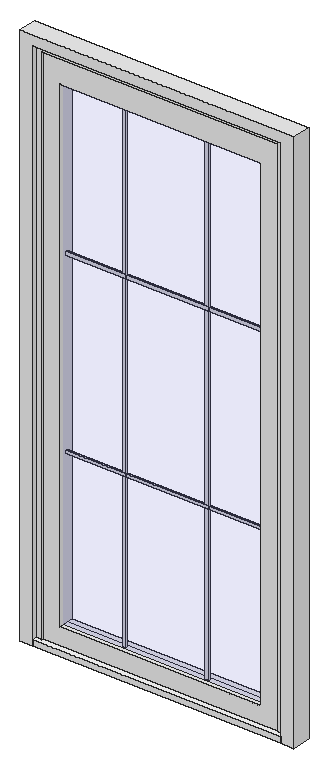
Revit family "Door_Curtain_Wall-Inswing-Traco-NX-8920-One_Panel", category Curtain Panels, Revit 2015
Parameters (values of type "NX-8920 - One_Panel")
  Water Resistance = 12.0000 psf
  Uniform Load Structural = 75.0000 psf
  Uniform Load Deflection = 50.0000 psf
  Sill Type = Door_Frame-Inswing-Traco-(NX-8920)-Single_Panel : Optional Sill
  Product data url = "https://bimobject.com/kawneerna/product/89202"
  Product Page URL = "http://www.alcoa.com/traco/en/product.asp?cat_id=1912&prod_id=4260"
  Product Documentation Link = "http://www.alcoa.com/traco/en/cad_spec.asp?cat_id=1912&prod_id=4260&area=prod"
  Panel Width [instance] = Door Width - 0' 4 1/2"  # 3' - 7 1/2"
  Panel Material [instance] = Aluminum - Traco - Anodized - Gray
  Panel Height [instance] = Door Height - 0' 2 1/2"  # 7' - 9 1/2"
  Muntin Type = Muntin-Grid-Traco-Lites : Interior
  Glass Material [instance] = Glass - Traco - Clear
  Frame Material [instance] = Aluminum - Traco - Anodized - Gray
  Door Width [instance] = if(CTRL Opening Width < Door Width Minimum, Door Width Minimum, if(CTRL Opening Width > Door Width Maximum, Door Width Maximum, CTRL Opening Width))  # 4' - 0"
  Door Height [instance] = if(CTRL Opening Height < Door Height Minimum, Door Height Minimum, if(CTRL Opening Height > Door Height Maximum, Door Height Maximum, CTRL Opening Height))  # 8' - 0"
  Door Base = 0' - 1 1/8"
  Copyright © = "2011 Traco"  # constant formula
  CTRL Opening Width [instance] = 4' - 0"
  URL = "http://www.alcoa.com/traco/en/home.asp"
  U Factor = "0.40"
  Type Comments = "1 Panel"
  Test Size = "48\" X 96\""
  Muntin [instance] = yes
  Model = "NX-8920"
  Manufacturer = "Traco"  # constant formula
  Keynote = ""
  CTRL Opening Height [instance] = 8' - 0"
  Forced Entry Resistance = ""
  Door Width Minimum [instance] = 3' - 0"
  Door Width Maximum [instance] = 4' - 0"
  Door Swing Angle [instance] = 90.00°
  Door Height Minimum [instance] = 6' - 0"
  Door Height Maximum [instance] = 8' - 0"
  Designation = "AAMA/WDMA/CSA 101/I.S.2/A-440-05: HS-C50 And AAMA/WDMA/CSA 101/I.S.2/A-440-08:AW-PG50-ATD"
  Description = "Single Panel Inswing"
  Condensation Resistance = "48"
  Assembly Code = "B2020220"
  Allowable Air Infiltration Maximum = "0.1 @ 6.2 PSF"
Reference planes (in)
  plane 1 "Front": y = 0
  plane 2 "Bottom": z = 0
  plane 3 "Center (Left/Right)": x = 0
  plane 4 "Left": x = -24
  plane 5 "Right": x = 24
  plane 6 "Top": z = 96
  plane 7 "Door Base": z = 1.125
  plane 8 "Muntin Center F_B": y = 2
  plane 9 "Left Inset": x = -21.75
  plane 10 "Right Inset": x = 21.75
  plane 11 "Back": y = 3.25
  plane 12 "Stop Back": y = 0.75
  plane 13 "Panel Center F_B": y = 2
Text (in)
  text "Exterior" at (-54.29358, -17.61257, 0), in view "Ref. Level"
  text "Exterior" at (480, 41.53993, 89.60405), in view "Right"
  text "Exterior" at (-240, 57.82419, 105.78864), in view "Left"
Dimensions and locks (in)
  equal spacing: plane 4 "Left", plane 3 "Center (Left/Right)", plane 5 "Right"
  "Door Base": plane 2 "Bottom" to plane 7 "Door Base"
  "CTRL Opening Width": plane 4 "Left" to plane 5 "Right"
  "CTRL Opening Height": plane 6 "Top" to plane 2 "Bottom"
  locked: plane 4 "Left" to plane 9 "Left Inset" at 2.25
  locked: plane 10 "Right Inset" to plane 5 "Right" at 2.25
  locked: plane 1 "Front" to plane 12 "Stop Back" at 0.75
  equal spacing: plane 12 "Stop Back", plane 13 "Panel Center F_B", plane 11 "Back"
  locked: plane 13 "Panel Center F_B" to plane 8 "Muntin Center F_B" at 0
  aligned and locked: level to plane 2 "Bottom"
  aligned: plane 7 "Door Base" to nested 2
  aligned and locked: plane 1 "Front" to nested 1
  aligned and locked: plane 3 "Center (Left/Right)" to nested 1
  aligned: nested 7 to plane 9 "Left Inset"
  aligned and locked: nested 7 to plane 12 "Stop Back"
  aligned and locked: level to nested 2
  aligned and locked: plane 3 "Center (Left/Right)" to nested 2
  aligned and locked: plane 3 "Center (Left/Right)" to nested 7
Nested families (in)
  nested 1: "Door_Frame-Inswing-Traco-(NX-8920)-Single_Panel" at (0, 1.625, 0), type <- "Sill Type", Frame Material <- "Frame Material", type "Optional Sill"
    with Frame Material Aluminum - Traco - Anodized - Gray, Door Width 4' - 0", Door Height 8' - 0"
  nested 2: "Muntin-Grid-Traco-Lites" at (0, 2, 46.75) x (-1, 0, 0) z (0, -1, 0), visible <- "Muntin", Sash Height <- "Panel Height", Length <- "Panel Width", type <- "Muntin Type", type "Interior"
    with Sash Height 7' - 9 1/2", Material Aluminum - Traco - Anodized - Gray, Length 3' - 7 1/2", Glazing Thickness 0' - 0 7/8", CTRL Muntin Vertical Distance 2' - 7.16667", CTRL Muntin Horizontal Distance 1' - 2 1/2", CTRL Face Offset 0' - 0 1/4", CTRL Bar Vertical Visibility no, CTRL Bar Horizontal Visibility no, CTRL Array Vertical Visibility yes, CTRL Array Horizontal Visibility yes, Has Interior Muntins yes, Has Exterior Muntins no
  nested 3: "Muntin-Trapezoid-Traco-Single" at (-7.25, 2.1875, 46.75) x (0, 0, -1) z (0, -1, 0), type "Standard Colonial"
    with Material Aluminum - Traco - Anodized - Gray, Length 7' - 9 1/2", Width Top 0' - 0 9/16", Width Base 0' - 0 9/16", Height 0' - 0 5/16"
  nested 4: "Muntin-Trapezoid-Traco-Single" at (0, 2.1875, 62.33333) x (1, 0, 0) z (0, -1, 0), type "Standard Colonial"
    with Material Aluminum - Traco - Anodized - Gray, Length 3' - 7 1/2", Width Top 0' - 0 9/16", Width Base 0' - 0 9/16", Height 0' - 0 5/16"
  nested 5: "Muntin-Trapezoid-Traco-Single" at (7.25, 2.1875, 46.75) x (0, 0, -1) z (0, -1, 0), type "Standard Colonial"
    with Material Aluminum - Traco - Anodized - Gray, Length 7' - 9 1/2", Width Top 0' - 0 9/16", Width Base 0' - 0 9/16", Height 0' - 0 5/16"
  nested 6: "Muntin-Trapezoid-Traco-Single" at (0, 2.1875, 31.16667) x (1, 0, 0) z (0, -1, 0), type "Standard Colonial"
    with Material Aluminum - Traco - Anodized - Gray, Length 3' - 7 1/2", Width Top 0' - 0 9/16", Width Base 0' - 0 9/16", Height 0' - 0 5/16"
  nested 7: "Door-Glass_Panel-Traco-(TR-8920)" at (14.25, 3.5, 0) x (-1, 0, 0) z (0, 0, 1), Panel Material <- "Panel Material", Glass Material <- "Glass Material", Width <- "Panel Width", Height <- "Panel Height", Angle <- "Door Swing Angle", type "S"
    with built-in parameter 1001301 3' - 7 1/2", built-in parameter 1001302 0' - 2 3/4", Panel Offset 0' - 4 1/4", Panel Material Aluminum - Traco - Anodized - Gray, Panel Finish none, built-in parameter 1001300 7' - 9 1/2", Glazing "Low E-Argon", Glass Material Glass - Traco - Clear, Elevation Swing yes, Angle 90.00°
Definition of nested family "Door_Frame-Inswing-Traco-(NX-8920)-Single_Panel"
  Parameters
    Standard Sill = no
    Optional Sill = yes
    Jamb Thickness = 0' - 2 1/4"
    Head Thickness = 0' - 1 3/4"
    Frame Material [instance] = none
    Frame Depth = 0' - 3 1/4"
    Door Width = 3' - 0"
    Door Height = 7' - 0"
    Assembly Code = ""
  Reference planes (in)
    plane 1 "Center (Front/Back)": y = 0
    plane 2 "Bottom": z = 0
    plane 3 "Center (Left/Right)": x = 0
    plane 4 "Interior": y = 1.625
    plane 5 "Exterior": y = -1.625
    plane 6 "Left": x = -18
    plane 7 "Right": x = 18
    plane 8 "Top": z = 84
    plane 9 "Inside Frame Left Side": x = -15.75
    plane 10 "Inside Frame Right Side": x = 15.75
    plane 11 "Top Inset": z = 82.25
    plane 12 "Bottom Inset": z = 1.5
    plane 13 "Panel Left": x = -14.625
    plane 14 "Panel Right": x = 14.625
    plane 15 "Stop Back": y = -0.875
    plane 16 "Stop Front": y = -1
    plane 17 "Panel Top": z = 81.375
    plane 18 "Panel Bottom": z = 2.5
    plane 19 "Lower Inset": z = 1
    plane 20 "Lower Bottom Inset Top Center": z = 2
  Forms (in)
    Extrusion 1, solid, material <- "Frame Material", visible <- "Standard Sill"
      sketch origin (0, 0, 0) x (0, 1, 0) y (0, 0, 1)
        loop
          line (-1.625, 0) -> (1.625, 0) -> (1.625, 1.5) -> (-0.875, 1.5) -> (-0.875, 2.5) -> (-1.625, 2) -> (-1.625, 0)
      from -15.75 to 15.75
    Extrusion 2, solid, material <- "Frame Material"
      sketch origin (0, 0, 0) x (0, 1, 0) y (0, 0, 1)
        loop
          line (1.625, 84) -> (-1.625, 84) -> (-1.625, 82.25) -> (-1, 82.25) -> (-1, 81.375) -> (-0.875, 81.375) -> (-0.875, 82.25) -> (1.625, 82.25) -> (1.625, 84)
      from -15.75 to 15.75
    Extrusion 3, solid, material <- "Frame Material"
      sketch origin (0, 0, 0) x (1, 0, 0) y (0, 1, 0)
        loop
          line (-18, 1.625) -> (-18, -1.625) -> (-15.75, -1.625) -> (-15.75, -1) -> (-14.625, -1) -> (-14.625, -0.875) -> (-15.75, -0.875) -> (-15.75, 1.625) -> (-18, 1.625)
        loop
          line (15.75, 1.625) -> (15.75, -0.875) -> (14.625, -0.875) -> (14.625, -1) -> (15.75, -1) -> (15.75, -1.625) -> (18, -1.625) -> (18, 1.625) -> (15.75, 1.625)
      from 0 to 84
    Extrusion 4, solid, material <- "Frame Material", visible <- "Optional Sill"
      sketch origin (0, 0, 0) x (0, 1, 0) y (0, 0, 1)
        loop
          line (1.625, 0.875) -> (-0.875, 0.875) -> (-0.875, 1.25) -> (-1.625, 1) -> (-1.625, 0) -> (1.625, 0) -> (1.625, 0.875)
      from -15.75 to 15.75
  Cuts and joins
    joined: Extrusion 2, Extrusion 3
  Lines and regions (in)
    Masking region 1
      outline origin (0, 0, 84) x (-1, 0, 0) y (0, -1, 0)
        loop
          line (18, 1.625) -> (-18, 1.625) -> (-18, -1.625) -> (18, -1.625) -> (18, 1.625)
    Masking region 2
      outline origin (0, 0, 0) x (0, 1, 0) y (0, 0, 1)
        loop
          line (-1.625, 0) -> (1.625, 0) -> (1.625, 84) -> (-1.625, 84) -> (-1.625, 0)
    Masking region 3
      outline origin (0, 0, 0) x (1, 0, 0) y (0, 0, 1)
        loop
          line (-18, 0) -> (18, 0) -> (18, 84) -> (-18, 84) -> (-18, 0)
        loop
          line (-14.625, 81.375) -> (-14.625, 2.5) -> (14.625, 2.5) -> (14.625, 81.375) -> (-14.625, 81.375)
    symbolic lines, detail levels medium+fine
      curve 1: line (-15.75, -1.625, 84) -> (-15.75, -1, 84)
      curve 2: line (-15.75, -1, 84) -> (-14.625, -1, 84)
      curve 3: line (-14.625, -1, 84) -> (-14.625, -0.875, 84)
      curve 4: line (-14.625, -0.875, 84) -> (-15.75, -0.875, 84)
      curve 5: line (-15.75, -0.875, 84) -> (-15.75, 1.625, 84)
      curve 6: line (15.75, -0.875, 84) -> (15.75, 1.625, 84)
      curve 7: line (15.75, -0.875, 84) -> (14.625, -0.875, 84)
      curve 8: line (14.625, -0.875, 84) -> (14.625, -1, 84)
      curve 9: line (14.625, -1, 84) -> (15.75, -1, 84)
      curve 10: line (15.75, -1, 84) -> (15.75, -1.625, 84)
      curve 11: line (-15.75, 0, 82.25) -> (15.75, 0, 82.25)
      curve 12: line (-15.75, 0, 84) -> (-15.75, 0, 0)
      curve 13: line (15.75, 0, 0) -> (15.75, 0, 84)
      curve 14: line (-15.75, 0, 81.375) -> (-14.625, 0, 81.375)
      curve 15: line (-14.625, 0, 81.375) -> (-14.625, 0, 82.25)
      curve 16: line (14.625, 0, 82.25) -> (14.625, 0, 81.375)
      curve 17: line (14.625, 0, 81.375) -> (15.75, 0, 81.375)
      curve 18: line (-15.75, 0, 1) -> (15.75, 0, 1)
      curve 19: line (-15.75, 0, 2) -> (15.75, 0, 2)
  Dimensions and locks (in)
    equal spacing: plane 4 "Interior", plane 1 "Center (Front/Back)", plane 5 "Exterior"
    "Frame Depth": plane 4 "Interior" to plane 5 "Exterior"
    equal spacing: plane 6 "Left", plane 3 "Center (Left/Right)", plane 7 "Right"
    "Door Width": plane 6 "Left" to plane 7 "Right"
    "Head Thickness": plane 8 "Top" to plane 11 "Top Inset"
    "Jamb Thickness": plane 7 "Right" to plane 10 "Inside Frame Right Side"
    "Jamb Thickness": plane 6 "Left" to plane 9 "Inside Frame Left Side"
    "Door Height": plane 8 "Top" to plane 2 "Bottom"
    plane 12 "Bottom Inset" to plane 2 "Bottom" = 0' - 1 1/2"
    locked: plane 15 "Stop Back" to plane 1 "Center (Front/Back)" at 0.875
    locked: plane 16 "Stop Front" to plane 1 "Center (Front/Back)" at 1
    locked: plane 11 "Top Inset" to plane 17 "Panel Top" at 0.875
    locked: plane 18 "Panel Bottom" to plane 12 "Bottom Inset" at 1
    locked: plane 12 "Bottom Inset" to plane 19 "Lower Inset" at 0.5
    locked: plane 20 "Lower Bottom Inset Top Center" to plane 12 "Bottom Inset" at 0.5
    locked: plane 9 "Inside Frame Left Side" to plane 13 "Panel Left" at 1.125
    locked: plane 14 "Panel Right" to plane 10 "Inside Frame Right Side" at 1.125
    aligned and locked: plane 2 "Bottom" to level
    aligned and locked: plane 12 "Bottom Inset" to Extrusion 1 sketch curve
    aligned and locked: plane 4 "Interior" to Extrusion 1 sketch curve
    aligned and locked: plane 9 "Inside Frame Left Side" to Extrusion 1
    aligned and locked: Extrusion 1 to plane 10 "Inside Frame Right Side"
    aligned and locked: Extrusion 2 sketch curve to plane 11 "Top Inset"
    aligned and locked: plane 5 "Exterior" to Extrusion 2 sketch curve
    aligned and locked: plane 9 "Inside Frame Left Side" to Extrusion 2
    aligned and locked: Extrusion 2 to plane 10 "Inside Frame Right Side"
    aligned and locked: Extrusion 3 sketch curve to plane 4 "Interior"
    aligned and locked: Extrusion 3 sketch curve to plane 6 "Left"
    aligned and locked: Extrusion 3 sketch curve to Extrusion 1  (x3)
    aligned and locked: Extrusion 1 to Extrusion 3 sketch curve
    aligned and locked: Extrusion 3 sketch curve to plane 5 "Exterior"
    aligned and locked: Extrusion 3 sketch curve to plane 7 "Right"
    aligned and locked: plane 8 "Top" to Extrusion 3
    aligned and locked: Extrusion 4 sketch curve to cut or joined group of Extrusion 2, Extrusion 3  (x2)
    aligned and locked: cut or joined group of Extrusion 2, Extrusion 3 to Extrusion 4 sketch curve
    aligned and locked: Extrusion 4 to plane 10 "Inside Frame Right Side"
    aligned and locked: plane 9 "Inside Frame Left Side" to Extrusion 4
    aligned and locked: plane 7 "Right" to Masking region 1 sketch curve
    aligned and locked: plane 4 "Interior" to Masking region 1 sketch curve
    aligned and locked: plane 5 "Exterior" to Masking region 1 sketch curve
    aligned and locked: plane 6 "Left" to Masking region 1 sketch curve
    aligned and locked: curve 1 to plane 9 "Inside Frame Left Side"
    aligned and locked: cut or joined group of Extrusion 2, Extrusion 3 to plane 16 "Stop Front"
    aligned and locked: curve 3 to plane 13 "Panel Left"
    aligned and locked: plane 15 "Stop Back" to curve 4
    aligned and locked: curve 5 to plane 9 "Inside Frame Left Side"
    aligned and locked: plane 10 "Inside Frame Right Side" to curve 10
    aligned and locked: curve 9 to plane 16 "Stop Front"
    aligned and locked: plane 14 "Panel Right" to curve 8
    aligned and locked: plane 15 "Stop Back" to curve 7
    aligned and locked: curve 6 to plane 10 "Inside Frame Right Side"
    aligned and locked: plane 8 "Top" to Masking region 2 sketch curve
    aligned and locked: plane 4 "Interior" to Masking region 2 sketch curve
    aligned and locked: plane 5 "Exterior" to Masking region 2 sketch curve
    aligned and locked: Masking region 2 sketch curve to plane 2 "Bottom"
    aligned and locked: plane 8 "Top" to Masking region 3 sketch curve
    aligned and locked: plane 6 "Left" to Masking region 3 sketch curve
    aligned and locked: plane 7 "Right" to Masking region 3 sketch curve
    aligned and locked: Masking region 3 sketch curve to plane 2 "Bottom"
    aligned and locked: plane 18 "Panel Bottom" to Masking region 3 sketch curve
    aligned and locked: Masking region 3 sketch curve to plane 13 "Panel Left"
    aligned and locked: plane 14 "Panel Right" to Masking region 3 sketch curve
    aligned and locked: Masking region 3 sketch curve to plane 17 "Panel Top"
    aligned and locked: curve 13 to plane 10 "Inside Frame Right Side"
    aligned and locked: curve 18 to plane 19 "Lower Inset"
    aligned and locked: plane 9 "Inside Frame Left Side" to curve 12
    aligned and locked: curve 19 to plane 20 "Lower Bottom Inset Top Center"
    aligned and locked: curve 11 to plane 11 "Top Inset"
    aligned and locked: curve 14 to plane 17 "Panel Top"
    aligned and locked: curve 15 to plane 13 "Panel Left"
    aligned and locked: plane 14 "Panel Right" to curve 16
    aligned and locked: curve 17 to plane 17 "Panel Top"
  Automatic sketch dimensions
    Extrusion 2 sketch curve to plane 8 "Top" = 0' - 2 5/8"
    Extrusion 2 sketch curve to plane 5 "Exterior" = 0' - 0 5/8"
    Extrusion 2 sketch curve to plane 11 "Top Inset" = 0' - 0"
    Extrusion 2 sketch curve to Extrusion 2 sketch curve = 0' - 0 1/8"
    Extrusion 2 sketch curve to plane 4 "Interior" = 0' - 0"
    Extrusion 2 sketch curve to plane 8 "Top" = 0' - 0"
    Extrusion 3 sketch curve to plane 6 "Left" = 0' - 3 3/8"
    Extrusion 3 sketch curve to plane 7 "Right" = 0' - 3 3/8"
    Extrusion 3 sketch curve to plane 5 "Exterior" = 0' - 0 5/8"  (x2)
    Extrusion 3 sketch curve to plane 10 "Inside Frame Right Side" = 0' - 0"
    Extrusion 3 sketch curve to Extrusion 3 sketch curve = 0' - 0 1/8"  (x2)
    Extrusion 3 sketch curve to plane 9 "Inside Frame Left Side" = 0' - 0"
    Extrusion 1 sketch curve to level = 0' - 0"
    Extrusion 1 sketch curve to plane 5 "Exterior" = 0' - 0 3/4"
    Extrusion 1 sketch curve to plane 5 "Exterior" = 0' - 0"
    Extrusion 1 sketch curve to Extrusion 1 sketch curve = 0' - 0 1/2"
    plane 12 "Bottom Inset" to Extrusion 1 sketch curve = 0' - 0 1/2"
    Extrusion 4 sketch curve to plane 5 "Exterior" = 0' - 0 3/4"
    Extrusion 4 sketch curve to plane 12 "Bottom Inset" = 0' - 0 1/4"
    Extrusion 4 sketch curve to plane 12 "Bottom Inset" = 0' - 0 5/8"
    Extrusion 4 sketch curve to plane 12 "Bottom Inset" = 0' - 0 1/2"
    curve 6 to plane 4 "Interior" = 0' - 0"
    curve 5 to plane 4 "Interior" = 0' - 0"
    curve 1 to plane 16 "Stop Front" = 0' - 0"
    plane 5 "Exterior" to curve 1 = 0' - 0"
    plane 5 "Exterior" to curve 10 = 0' - 0"
    curve 13 to level = 0' - 0"
    curve 12 to level = 0' - 0"
    curve 12 to plane 8 "Top" = 0' - 0"
    curve 13 to plane 8 "Top" = 0' - 0"
Definition of nested family "Muntin-Trapezoid-Traco-Single"
  Parameters
    Width Top = 0' - 0 7/16"
    Width Base = 0' - 1"
    URL = "http://www.alcoa.com/traco/en/home.asp"
    Product Page URL = "http://www.alcoa.com/traco/en/product.asp?prod_id=4228"
    Product Documentation Link = "http://www.alcoa.com/traco/en/cad_spec.asp?prod_id=4228&area=prod"
    Material [instance] = none
    Manufacturer = "Traco"  # constant formula
    Length [instance] = 1' - 0"
    Height = 0' - 0 5/8"
    Description = "Trapezoidal Profile"
    Copyright © = "2011 Traco"  # constant formula
  Reference planes (in)
    plane 1 "Center (Front/Back)": y = 0
    plane 2 "Original Bottom": z = 0
    plane 3 "Center (Left/Right)": x = 0
    plane 4 "Left": x = -6
    plane 5 "Right": x = 6
    plane 6 "Back": y = 0.5
    plane 7 "Front": y = -0.5
    plane 8 "Back Inset": y = 0.21875
    plane 9 "Front Inset": y = -0.21875
    plane 10 "Top": z = 0.625
    plane 11 "Bottom": z = 0
  Forms (in)
    Sweep 1, solid, material <- "Material", detail levels medium+fine
      path origin (0, 0, 0) x (0, -1, 0) y (1, 0, 0)
        loop
          line (0, 6) -> (0, -6)
      profile origin (0, 0, 0) x (0, -1, 0) y (0, 0, 1)
        loop
          line (0.5, 0) -> (0.21875, 0.625) -> (-0.21875, 0.625) -> (-0.5, 0) -> (0.5, 0)
  Lines and regions (in)
    Masking region 1, detail levels medium+fine
      outline origin (0, 0, 0) x (0, 1, 0) y (0, 0, 1)
        loop
          line (0.5, 0) -> (0.21875, 0.625) -> (-0.21875, 0.625) -> (-0.5, 0) -> (0.5, 0)
    Masking region 2, detail levels medium+fine
      outline origin (0, 0, 0) x (1, 0, 0) y (0, 1, 0)
        loop
          line (6, -0.5) -> (6, 0.5) -> (-6, 0.5) -> (-6, -0.5) -> (6, -0.5)
    Masking region 3, detail levels medium+fine
      outline origin (0, 0, 0) x (1, 0, 0) y (0, 0, 1)
        loop
          line (6, 0) -> (6, 0.625) -> (-6, 0.625) -> (-6, 0) -> (6, 0)
    symbolic lines, detail levels coarse
      curve 1: line (0, 0, 0) -> (0, 0, 0.625)
      curve 2: line (-6, 0, 0) -> (6, 0, 0)
      curve 3: line (-6, 0, 0) -> (-6, 0, 0.625)
      curve 4: line (-6, 0, 0.625) -> (6, 0, 0.625)
      curve 5: line (6, 0, 0.625) -> (6, 0, 0)
    model lines, detail levels coarse
      curve 6: line (-6, 0, 0) -> (6, 0, 0)
  Dimensions and locks (in)
    equal spacing: plane 4 "Left", plane 3 "Center (Left/Right)", plane 5 "Right"
    "Length": plane 4 "Left" to plane 5 "Right"
    equal spacing: plane 6 "Back", plane 1 "Center (Front/Back)", plane 7 "Front"
    "Width Base": plane 7 "Front" to plane 6 "Back"
    equal spacing: plane 8 "Back Inset", plane 1 "Center (Front/Back)", plane 9 "Front Inset"
    "Width Top": plane 9 "Front Inset" to plane 8 "Back Inset"
    locked: plane 11 "Bottom" to plane 2 "Original Bottom" at 0
    "Height": plane 10 "Top" to plane 11 "Bottom"
    aligned and locked: plane 2 "Original Bottom" to level
    aligned and locked: plane 4 "Left" to Sweep 1 sketch curve
    aligned and locked: Sweep 1 sketch curve to plane 1 "Center (Front/Back)"
    aligned and locked: plane 5 "Right" to Sweep 1 sketch curve
    aligned and locked: plane 7 "Front" to Sweep 1 sketch curve
    aligned and locked: plane 11 "Bottom" to Sweep 1 sketch curve  (x2)
    aligned and locked: plane 6 "Back" to Sweep 1 sketch curve
    aligned and locked: plane 10 "Top" to Sweep 1 sketch curve
    aligned and locked: plane 8 "Back Inset" to Sweep 1 sketch curve
    aligned and locked: plane 9 "Front Inset" to Sweep 1 sketch curve
    aligned and locked: Sweep 1 sketch curve to plane 10 "Top"
    aligned and locked: Masking region 1 sketch curve to plane 11 "Bottom"
    aligned and locked: plane 10 "Top" to Masking region 1 sketch curve
    aligned and locked: plane 8 "Back Inset" to Masking region 1 sketch curve
    aligned and locked: plane 9 "Front Inset" to Masking region 1 sketch curve
    aligned and locked: plane 7 "Front" to Masking region 1 sketch curve
    aligned and locked: plane 6 "Back" to Masking region 1 sketch curve
    aligned and locked: curve 1 to plane 1 "Center (Front/Back)"
    aligned and locked: plane 11 "Bottom" to curve 1
    aligned and locked: plane 10 "Top" to curve 1
    aligned and locked: plane 4 "Left" to curve 2
    aligned and locked: plane 5 "Right" to curve 2
    aligned and locked: plane 1 "Center (Front/Back)" to curve 2
    aligned and locked: Masking region 2 sketch curve to plane 4 "Left"
    aligned and locked: Masking region 2 sketch curve to plane 5 "Right"
    aligned and locked: Masking region 2 sketch curve to plane 6 "Back"
    aligned and locked: Masking region 2 sketch curve to plane 7 "Front"
    aligned and locked: Masking region 3 sketch curve to plane 4 "Left"
    aligned and locked: Masking region 3 sketch curve to plane 5 "Right"
    aligned and locked: plane 11 "Bottom" to Masking region 3 sketch curve
    aligned and locked: Masking region 3 sketch curve to plane 10 "Top"
    aligned and locked: plane 11 "Bottom" to curve 3
    aligned and locked: plane 11 "Bottom" to curve 5
    aligned and locked: curve 5 to plane 5 "Right"
    aligned and locked: curve 3 to plane 4 "Left"
    aligned and locked: curve 4 to plane 10 "Top"
    aligned and locked: plane 5 "Right" to curve 6
    aligned and locked: plane 4 "Left" to curve 6
    aligned and locked: plane 1 "Center (Front/Back)" to curve 6
Definition of nested family "Door-Glass_Panel-Traco-(TR-8920)"
  Parameters
    Width [instance] = 3' - 0"
    Visible Light Transmission = 0
    URL = "www.integratedcontentsolutions.com"
    U Value = 0
    Type Comments = "Panel theory and model developed by Integrated Content Solutions"  # constant formula
    Thickness [instance] = 0' - 2 3/4"
    Style Right = 0' - 4 1/8"
    Style Left = 0' - 4 1/8"
    Solar Heat Gain Coefficient = 0
    Rail Head = 0' - 4 1/8"
    Rail Bottom = 0' - 4 1/8"
    R Value = 0
    Product Documentation Link = "www.integratedcontentsolutions.com"
    Panel Offset [instance] = 0' - 4 1/4"
    Panel Material [instance] = none
    Panel Finish [instance] = none
    Manufacturer = "Integrated Content Solutions"  # constant formula
    LEED Credit = ""
    Hidden Swing Angle = 90.00°
    Height [instance] = 7' - 0"
    Glazing [instance] = "Low E-Argon"
    Glass Material [instance] = none
    Function = 1
    Energy Star Zone = ""
    Elevation Swing [instance] = yes
    Copyright © = "Integrated Content Solutions © 2009"  # constant formula
    Assembly Code = "C1020110"
    Appear In Schedule = 0 = 1  # no
    Angle [instance] = 90.00°
    Air Leakage = 0
  Reference planes (in)
    plane 1 "Exterior": y = 0
    plane 2 "Bottom": z = 0
    plane 3 "Strike": x = 0
    plane 4 "Interior": y = -2.75
    plane 5 "Hinge": x = 36
    plane 6 "Top": z = 84
    plane 7 "Panel Center of Thickness": y = -1.375
    plane 8 "Glass Interior": y = -2.125
    plane 9 "Glass Exterior": y = -1.125
    plane 10 "Left Inset": x = 4.125
    plane 11 "Right Inset": x = 31.875
    plane 12 "Top Inset": z = 79.875
    plane 13 "Bottom Inset": z = 4.125
    plane 14 "Center L_R": x = 18
  Forms (in)
    Extrusion 1, solid, material <- "Panel Material"
      sketch origin (0, 0, 0) x (1, 0, 0) y (0, 0, 1)
        loop
          line (0, 84) -> (0, 0) -> (36, 0) -> (36, 84) -> (0, 84)
        loop
          line (4.125, 79.875) -> (4.125, 4.125) -> (31.875, 4.125) -> (31.875, 79.875) -> (4.125, 79.875)
      from 0 to 2.75
    Extrusion 2, solid, material <- "Glass Material"
      sketch origin (0, -2.75, 0) x (1, 0, 0) y (0, 0, 1)
        loop
          line (4.125, 79.875) -> (4.125, 4.125) -> (31.875, 4.125) -> (31.875, 79.875) -> (4.125, 79.875)
      from -1.625 to -0.625
  Lines and regions (in)
    Masking region 1
      outline origin (0, 0, 84) x (-1, 0, 0) y (0, -1, 0)
        loop
          line (0, 2.75) -> (-36, 2.75) -> (-36, 0) -> (0, 0) -> (0, 2.75)
    Masking region 2
      outline origin (0, -1.375, 0) x (-1, 0, 0) y (0, 0, 1)
        loop
          line (0, 0) -> (0, 84) -> (-36, 84) -> (-36, 0) -> (0, 0)
        loop
          line (-4.125, 4.125) -> (-4.125, 79.875) -> (-31.875, 79.875) -> (-31.875, 4.125) -> (-4.125, 4.125)
    Masking region 3
      outline origin (18, 0, 0) x (0, 1, 0) y (0, 0, 1)
        loop
          line (-2.75, 0) -> (0, 0) -> (0, 84) -> (-2.75, 84) -> (-2.75, 0)
  Dimensions and locks (in)
    "Width": plane 3 "Strike" to plane 5 "Hinge"
    "Thickness": plane 4 "Interior" to plane 1 "Exterior"
    "Height": plane 6 "Top" to plane 2 "Bottom"
    equal spacing: plane 4 "Interior", plane 7 "Panel Center of Thickness", plane 1 "Exterior"
    locked: plane 9 "Glass Exterior" to plane 8 "Glass Interior" at 1
    "Style Left": plane 10 "Left Inset" to plane 3 "Strike"
    "Style Right": plane 5 "Hinge" to plane 11 "Right Inset"
    "Rail Bottom": plane 13 "Bottom Inset" to plane 2 "Bottom"
    "Rail Head": plane 6 "Top" to plane 12 "Top Inset"
    locked: plane 9 "Glass Exterior" to plane 1 "Exterior" at 1.125
    equal spacing: plane 3 "Strike", plane 14 "Center L_R", plane 5 "Hinge"
    aligned and locked: plane 3 "Strike" to Extrusion 1 sketch curve
    aligned and locked: Extrusion 1 sketch curve to plane 6 "Top"
    aligned and locked: level to Extrusion 1 sketch curve
    aligned and locked: Extrusion 1 sketch curve to plane 5 "Hinge"
    aligned and locked: Extrusion 1 to plane 1 "Exterior"
    aligned and locked: plane 4 "Interior" to Extrusion 1
    aligned and locked: plane 1 "Exterior" to nested 1
    aligned and locked: plane 5 "Hinge" to nested 1
    aligned and locked: level to plane 2 "Bottom"
    aligned and locked: plane 10 "Left Inset" to Extrusion 1 sketch curve
    aligned and locked: Extrusion 1 sketch curve to plane 12 "Top Inset"
    aligned and locked: plane 13 "Bottom Inset" to Extrusion 1 sketch curve
    aligned and locked: Extrusion 1 sketch curve to plane 11 "Right Inset"
    aligned and locked: plane 10 "Left Inset" to Extrusion 2 sketch curve
    aligned and locked: Extrusion 2 sketch curve to plane 12 "Top Inset"
    aligned and locked: plane 13 "Bottom Inset" to Extrusion 2 sketch curve
    aligned and locked: Extrusion 2 sketch curve to plane 11 "Right Inset"
    aligned and locked: plane 9 "Glass Exterior" to Extrusion 2
    aligned and locked: Extrusion 2 to plane 8 "Glass Interior"
    aligned and locked: Masking region 1 sketch curve to plane 1 "Exterior"
    aligned and locked: plane 5 "Hinge" to Masking region 1 sketch curve
    aligned and locked: plane 4 "Interior" to Masking region 1 sketch curve
    aligned and locked: Masking region 1 sketch curve to plane 3 "Strike"
    aligned and locked: plane 6 "Top" to Masking region 2 sketch curve
    aligned and locked: Masking region 2 sketch curve to plane 3 "Strike"
    aligned and locked: plane 5 "Hinge" to Masking region 2 sketch curve
    aligned and locked: Masking region 2 sketch curve to plane 2 "Bottom"
    aligned and locked: plane 12 "Top Inset" to Masking region 2 sketch curve
    aligned and locked: Masking region 2 sketch curve to plane 10 "Left Inset"
    aligned and locked: plane 11 "Right Inset" to Masking region 2 sketch curve
    aligned and locked: Masking region 2 sketch curve to plane 13 "Bottom Inset"
    aligned and locked: plane 6 "Top" to Masking region 3 sketch curve
    aligned and locked: plane 4 "Interior" to Masking region 3 sketch curve
    aligned and locked: Masking region 3 sketch curve to plane 1 "Exterior"
    aligned and locked: Masking region 3 sketch curve to plane 2 "Bottom"
  Nested families (in)
    nested 1: "Plan Swing" at (0, 0, 0), Width <- "Width", Thickness <- "Thickness", Height <- "Height", Angle <- "Angle", Elevation Swing Visibility <- "Elevation Swing", Hidden Swing Angle <- "Hidden Swing Angle", type "Plan Swing"
      with Width 3' - 0", Thickness 0' - 2 3/4", Slide Indicator Visbility no, Plan Swing Visibility yes, Hidden Swing Visibility no, Hidden Swing Angle 90.00°, Hidden Angle CTRL 90.00°, Height 7' - 0", Elevation Swing Visibility yes, Closed Panel Visaibilty no, Angle CTRL 90.00°, Angle 90.00°
  Definition of nested family "Plan Swing"
    Parameters
      Width [instance] = 3' - 0"
      URL = "www.integratedcontentsolutions.com"
      Type Comments = "Swing graphics developed by Integrated Content Solutions"  # constant formula
      Thickness [instance] = 0' - 2"
      Slide Indicator Visbility [instance] = no
      Plan Swing Visibility [instance] = Angle > 0.00°  # yes
      Manufacturer = "Integrated Content Solutions"  # constant formula
      Hidden Swing Visibility [instance] = yes
      Hidden Swing Angle [instance] = 90.00°
      Hidden Angle CTRL [instance] = if(Hidden Swing Angle < 5.00°, 5.00°, if(Hidden Swing Angle > 175.00°, 175.00°, Hidden Swing Angle))  # 90.00°
      Height [instance] = 7' - 0"
      Elevation Swing Visibility [instance] = yes
      Copyright © = "Integrated Content Solutions © 2009"  # constant formula
      Closed Panel Visaibilty [instance] = Angle = 0.00°  # no
      Assembly Code = ""
      Angle CTRL [instance] = if(Angle < 5.00°, 5.00°, if(Angle > 175.00°, 175.00°, Angle))  # 45.00°
      Angle [instance] = 45.00°
    Reference planes (in)
      plane 1 "Exterior": y = 0
      plane 2 "Bottom": z = 0
      plane 3 "Strike": x = 0
      plane 4 "Hinge": x = 36
      plane 5 "Top": z = 84
      plane 6 "Interior": y = -2
    Lines and regions (in)
      model lines
        curve 1: line (0, 0, 0) -> (0, -2, 0)
        curve 2: line (36, -2, 0) -> (36, 0, 0)
      symbolic lines, visible <- "Plan Swing Visibility"
        curve 3: line (36, 0, 0) -> (10.54416, 25.45584, 0)
        curve 4: line (10.54416, 25.45584, 0) -> (9.12994, 24.04163, 0)
        curve 5: line (9.12994, 24.04163, 0) -> (34.58579, -1.41421, 0)
        curve 6: line (34.58579, -1.41421, 0) -> (36, 0, 0)
        curve 13: arc (10.54416, 25.45584, 0) -> (2.74034, 13.7766, 0) -> (0, 0, 0) r 36
      symbolic lines, visible <- "Elevation Swing Visibility"
        curve 7: line (0, -2, 84) -> (36, -2, 42)
        curve 8: line (36, -2, 42) -> (0, -2, 0)
      symbolic lines, visible <- "Hidden Swing Visibility"
        curve 9: line (36, 0, 0) -> (36, 36, 0)
        curve 10: line (36, 36, 0) -> (34, 36, 0)
        curve 11: line (34, 36, 0) -> (34, 0, 0)
        curve 12: line (34, 0, 0) -> (36, 0, 0)
        curve 18: arc (0, 0, 0) -> (10.54416, 25.45584, 0) -> (36, 36, 0) r 36
      symbolic lines, visible <- "Closed Panel Visaibilty"
        curve 14: line (0, 0, 0) -> (36, 0, 0)
        curve 15: line (0, -2, 0) -> (0, 0, 0)
        curve 16: line (36, -2, 0) -> (0, -2, 0)
        curve 17: line (36, 0, 0) -> (36, -2, 0)
      symbolic lines, visible <- "Slide Indicator Visbility"
        curve 19: line (18, -2, 42.16893) -> (15.87868, -2, 44.29025)
        curve 20: line (18, -2, 42.16893) -> (15.87868, -2, 40.04761)
        curve 21: line (18, -2, 42.16893) -> (9, -2, 42.16893)
    Dimensions and locks (in)
      "Width": plane 3 "Strike" to plane 4 "Hinge"
      "Height": plane 5 "Top" to plane 2 "Bottom"
      equal spacing: plane 5 "Top", curve 8, plane 2 "Bottom"
      "Thickness": plane 6 "Interior" to plane 1 "Exterior"
      "Thickness": curve 3 to curve 5
      "Width": curve 6 to curve 4
      "Width": curve 9 to curve 9
      "Thickness": curve 9 to curve 11
      locked: curve 21 to curve 21 at 9
      equal spacing: plane 4 "Hinge", curve 21, plane 3 "Strike"
      locked: curve 3 to curve 6 (angle 90.00°)
      locked: curve 5 to curve 6 (angle 90.00°)
      locked: curve 4 to curve 3 (angle 90.00°)
      locked: curve 9 to curve 12 (angle 90.00°)
      locked: curve 11 to curve 12 (angle 90.00°)
      locked: curve 10 to curve 9 (angle 90.00°)
      "Hidden Angle CTRL": angle curve 9 to plane 1 "Exterior"
      "Angle CTRL": angle curve 3 to plane 1 "Exterior"
      aligned and locked: plane 2 "Bottom" to level
      aligned and locked: plane 1 "Exterior" to curve 2
      aligned and locked: plane 4 "Hinge" to curve 2
      aligned and locked: plane 6 "Interior" to curve 1
      aligned and locked: plane 6 "Interior" to curve 2
      aligned and locked: plane 4 "Hinge" to curve 9
      aligned and locked: curve 1 to plane 3 "Strike"
      aligned and locked: plane 3 "Strike" to curve 15
      aligned and locked: plane 1 "Exterior" to curve 14
    Automatic sketch dimensions
      curve 8 to level = 0' - 0"
      curve 8 to plane 3 "Strike" = 0' - 0"
      curve 7 to plane 3 "Strike" = 0' - 0"
      curve 7 to plane 4 "Hinge" = 0' - 0"
      curve 7 to plane 5 "Top" = 0' - 0"
      curve 19 to curve 20 = 0' - 0"
      curve 20 to curve 20 = 0' - 2.12132"
      curve 20 to curve 7 = 0' - 1.95239"
      curve 20 to curve 19 = 0' - 2.12132"
Definition of nested family "Muntin-Grid-Traco-Lites"
  Parameters
    URL = "http://www.alcoa.com/traco/en/home.asp"
    Sash Height [instance] = 4' - 0"
    Muntin Vertical Count = if((Lite Vertical Count - 1) < 2, 2, (Lite Vertical Count - 1))  # 2
    Muntin Type = Muntin-Trapezoid-Traco-Single : H-081
    Muntin Horizontal Count = if((Lite Horizontal Count - 1) < 2, 2, (Lite Horizontal Count - 1))  # 2
    Material [instance] = none
    Manufacturer = "Traco"  # constant formula
    Lite Vertical Count = 3
    Lite Horizontal Count = 3
    Length [instance] = 4' - 0"
    Has True Muntins = no
    Has Interior Muntins = no
    Has Exterior Muntins = yes
    Glazing Thickness [instance] = 0' - 0 7/8"
    Default Elevation = 4' - 0"
    Copyright © = "2011 Traco"  # constant formula
    CTRL Muntin Vertical Distance [instance] = Sash Height / (Lite Vertical Count)  # 1' - 4"
    CTRL Muntin Horizontal Distance [instance] = Length / (Lite Horizontal Count)  # 1' - 4"
    CTRL Face Offset [instance] = if(Has Interior Muntins, 0' 0 1/4", if(Has Exterior Muntins, Glazing Thickness, Glazing Thickness / 2))  # 0' - 0 7/8"
    CTRL Bar Vertical Visibility [instance] = Lite Vertical Count = 2  # no
    CTRL Bar Horizontal Visibility [instance] = Lite Horizontal Count = 2  # no
    CTRL Array Vertical Visibility [instance] = Lite Vertical Count > 2  # yes
    CTRL Array Horizontal Visibility [instance] = Lite Horizontal Count > 2  # yes
    Assembly Code = "B2020110"
  Reference planes (in)
    plane 1 "Center (Front/Back)": y = 0
    plane 2 "Original  Bottom": z = 0
    plane 3 "Center (Left/Right)": x = 0
    plane 4 "Left": x = -24
    plane 5 "Right": x = 24
    plane 6 "Bottom": z = 0.4375
    plane 7 "Glass Top": z = 0.4375
    plane 8 "Glass Bottom": z = -0.4375
    plane 9 "Back": y = 24
    plane 10 "Front": y = -24
    plane 11 "Bar 1 Vertical": y = -8
    plane 12 "Bar Last Vertical": y = 8
    plane 13 "Bar Last Horizontal": x = 8
    plane 14 "Bar 1 Horizontal": x = -8
  Forms (in)
    Extrusion 1, solid
      sketch origin (0, 0, 0) x (1, 0, 0) y (0, 1, 0)
        loop
          line (-48, 48) -> (-48, -48) -> (48, -48) -> (48, 48) -> (-48, 48)
      from 0 to -12
  Dimensions and locks (in)
    equal spacing: plane 4 "Left", plane 3 "Center (Left/Right)", plane 5 "Right"
    "Length": plane 4 "Left" to plane 5 "Right"
    "Glazing Thickness": plane 7 "Glass Top" to plane 8 "Glass Bottom"
    equal spacing: plane 9 "Back", plane 1 "Center (Front/Back)", plane 10 "Front"
    "Sash Height": plane 10 "Front" to plane 9 "Back"
    "CTRL Muntin Vertical Distance": plane 10 "Front" to plane 11 "Bar 1 Vertical"
    "CTRL Muntin Vertical Distance": plane 12 "Bar Last Vertical" to plane 9 "Back"
    "CTRL Muntin Horizontal Distance": plane 4 "Left" to plane 14 "Bar 1 Horizontal"
    "CTRL Muntin Horizontal Distance": plane 13 "Bar Last Horizontal" to plane 5 "Right"
    equal spacing: plane 7 "Glass Top", plane 2 "Original  Bottom", plane 8 "Glass Bottom"
    group 1 to group 2 = 0' - 0"  (x2)
    group 1 to group 2 = 1' - 4"
    group 3 to group 4 = 1' - 4"
    group 3 to group 4 = 0' - 0"  (x2)
    "CTRL Face Offset": plane 6 "Bottom" to plane 8 "Glass Bottom"
    aligned and locked: plane 2 "Original  Bottom" to Extrusion 1
    aligned and locked: level to Extrusion 1
    aligned and locked: plane 6 "Bottom" to nested 1
    aligned and locked: plane 6 "Bottom" to nested 3
    aligned and locked: plane 6 "Bottom" to nested 2
    aligned and locked: plane 6 "Bottom" to nested 4
    aligned and locked: nested 3 to plane 11 "Bar 1 Vertical"
    aligned and locked: nested 4 to plane 14 "Bar 1 Horizontal"
    aligned and locked: nested 3 to plane 3 "Center (Left/Right)"
    aligned and locked: plane 1 "Center (Front/Back)" to nested 4
    aligned and locked: plane 3 "Center (Left/Right)" to nested 2
    aligned and locked: nested 2 to plane 1 "Center (Front/Back)"
    aligned and locked: plane 1 "Center (Front/Back)" to nested 1
    aligned and locked: plane 3 "Center (Left/Right)" to nested 1
    aligned and locked: nested 5 to plane 3 "Center (Left/Right)"
    aligned and locked: plane 1 "Center (Front/Back)" to nested 6
    aligned and locked: plane 6 "Bottom" to nested 6
    aligned and locked: nested 5 to plane 12 "Bar Last Vertical"
    aligned and locked: nested 6 to plane 13 "Bar Last Horizontal"
    aligned and locked: plane 6 "Bottom" to nested 5
  Automatic sketch dimensions
    Extrusion 1 sketch curve to Extrusion 1 sketch curve = 8' - 0"  (x2)
  Nested families (in)
    nested 1: "Muntin-Trapezoid-Traco-Single" at (0, 0, 0.4375), Length <- "Length", visible <- "CTRL Bar Vertical Visibility", type <- "Muntin Type", Material <- "Material", type "H-081"
      with Material none, Length 4' - 0"
    nested 2: "Muntin-Trapezoid-Traco-Single" at (0, 0, 0.4375) x (0, 1, 0) z (0, 0, 1), Length <- "Sash Height", visible <- "CTRL Bar Horizontal Visibility", type <- "Muntin Type", Material <- "Material", type "H-081"
      with Material none, Length 4' - 0"
    nested 3: "Muntin-Trapezoid-Traco-Single" at (0, -8, 0.4375) x (-1, 0, 0) z (0, 0, 1), Length <- "Length", visible <- "CTRL Array Horizontal Visibility", type <- "Muntin Type", Material <- "Material", type "H-081"
      with Material none, Length 4' - 0"
    nested 4: "Muntin-Trapezoid-Traco-Single" at (-8, 0, 0.4375) x (0, -1, 0) z (0, 0, 1), Length <- "Sash Height", visible <- "CTRL Array Horizontal Visibility", type <- "Muntin Type", Material <- "Material", type "H-081"
      with Material none, Length 4' - 0"
    nested 5: "Muntin-Trapezoid-Traco-Single" at (0, 8, 0.4375) x (-1, 0, 0) z (0, 0, 1), Length <- "Length", visible <- "CTRL Array Horizontal Visibility", type <- "Muntin Type", Material <- "Material", type "H-081"
      with Material none, Length 4' - 0"
    nested 6: "Muntin-Trapezoid-Traco-Single" at (8, 0, 0.4375) x (0, -1, 0) z (0, 0, 1), Length <- "Sash Height", visible <- "CTRL Array Horizontal Visibility", type <- "Muntin Type", Material <- "Material", type "H-081"
      with Material none, Length 4' - 0"
  Definition of nested family "Muntin-Trapezoid-Traco-Single"
    Parameters
      Width Top = 0' - 0 7/16"
      Width Base = 0' - 1"
      URL = "http://www.alcoa.com/traco/en/home.asp"
      Product Page URL = "http://www.alcoa.com/traco/en/product.asp?prod_id=4228"
      Product Documentation Link = "http://www.alcoa.com/traco/en/cad_spec.asp?prod_id=4228&area=prod"
      Material [instance] = none
      Manufacturer = "Traco"  # constant formula
      Length [instance] = 1' - 0"
      Height = 0' - 0 5/8"
      Description = "Trapezoidal Profile"
      Copyright © = "2011 Traco"  # constant formula
    Reference planes (in)
      plane 1 "Center (Front/Back)": y = 0
      plane 2 "Original Bottom": z = 0
      plane 3 "Center (Left/Right)": x = 0
      plane 4 "Left": x = -6
      plane 5 "Right": x = 6
      plane 6 "Back": y = 0.5
      plane 7 "Front": y = -0.5
      plane 8 "Back Inset": y = 0.21875
      plane 9 "Front Inset": y = -0.21875
      plane 10 "Top": z = 0.625
      plane 11 "Bottom": z = 0
    Forms (in)
      Sweep 1, solid, material <- "Material", detail levels medium+fine
        path origin (0, 0, 0) x (0, -1, 0) y (1, 0, 0)
          loop
            line (0, 6) -> (0, -6)
        profile origin (0, 0, 0) x (0, -1, 0) y (0, 0, 1)
          loop
            line (0.5, 0) -> (0.21875, 0.625) -> (-0.21875, 0.625) -> (-0.5, 0) -> (0.5, 0)
    Lines and regions (in)
      Masking region 1, detail levels medium+fine
        outline origin (0, 0, 0) x (0, 1, 0) y (0, 0, 1)
          loop
            line (0.5, 0) -> (0.21875, 0.625) -> (-0.21875, 0.625) -> (-0.5, 0) -> (0.5, 0)
      Masking region 2, detail levels medium+fine
        outline origin (0, 0, 0) x (1, 0, 0) y (0, 1, 0)
          loop
            line (6, -0.5) -> (6, 0.5) -> (-6, 0.5) -> (-6, -0.5) -> (6, -0.5)
      Masking region 3, detail levels medium+fine
        outline origin (0, 0, 0) x (1, 0, 0) y (0, 0, 1)
          loop
            line (6, 0) -> (6, 0.625) -> (-6, 0.625) -> (-6, 0) -> (6, 0)
      symbolic lines, detail levels coarse
        curve 1: line (0, 0, 0) -> (0, 0, 0.625)
        curve 2: line (-6, 0, 0) -> (6, 0, 0)
        curve 3: line (-6, 0, 0) -> (-6, 0, 0.625)
        curve 4: line (-6, 0, 0.625) -> (6, 0, 0.625)
        curve 5: line (6, 0, 0.625) -> (6, 0, 0)
      model lines, detail levels coarse
        curve 6: line (-6, 0, 0) -> (6, 0, 0)
    Dimensions and locks (in)
      equal spacing: plane 4 "Left", plane 3 "Center (Left/Right)", plane 5 "Right"
      "Length": plane 4 "Left" to plane 5 "Right"
      equal spacing: plane 6 "Back", plane 1 "Center (Front/Back)", plane 7 "Front"
      "Width Base": plane 7 "Front" to plane 6 "Back"
      equal spacing: plane 8 "Back Inset", plane 1 "Center (Front/Back)", plane 9 "Front Inset"
      "Width Top": plane 9 "Front Inset" to plane 8 "Back Inset"
      locked: plane 11 "Bottom" to plane 2 "Original Bottom" at 0
      "Height": plane 10 "Top" to plane 11 "Bottom"
      aligned and locked: plane 2 "Original Bottom" to level
      aligned and locked: plane 4 "Left" to Sweep 1 sketch curve
      aligned and locked: Sweep 1 sketch curve to plane 1 "Center (Front/Back)"
      aligned and locked: plane 5 "Right" to Sweep 1 sketch curve
      aligned and locked: plane 7 "Front" to Sweep 1 sketch curve
      aligned and locked: plane 11 "Bottom" to Sweep 1 sketch curve  (x2)
      aligned and locked: plane 6 "Back" to Sweep 1 sketch curve
      aligned and locked: plane 10 "Top" to Sweep 1 sketch curve
      aligned and locked: plane 8 "Back Inset" to Sweep 1 sketch curve
      aligned and locked: plane 9 "Front Inset" to Sweep 1 sketch curve
      aligned and locked: Sweep 1 sketch curve to plane 10 "Top"
      aligned and locked: Masking region 1 sketch curve to plane 11 "Bottom"
      aligned and locked: plane 10 "Top" to Masking region 1 sketch curve
      aligned and locked: plane 8 "Back Inset" to Masking region 1 sketch curve
      aligned and locked: plane 9 "Front Inset" to Masking region 1 sketch curve
      aligned and locked: plane 7 "Front" to Masking region 1 sketch curve
      aligned and locked: plane 6 "Back" to Masking region 1 sketch curve
      aligned and locked: curve 1 to plane 1 "Center (Front/Back)"
      aligned and locked: plane 11 "Bottom" to curve 1
      aligned and locked: plane 10 "Top" to curve 1
      aligned and locked: plane 4 "Left" to curve 2
      aligned and locked: plane 5 "Right" to curve 2
      aligned and locked: plane 1 "Center (Front/Back)" to curve 2
      aligned and locked: Masking region 2 sketch curve to plane 4 "Left"
      aligned and locked: Masking region 2 sketch curve to plane 5 "Right"
      aligned and locked: Masking region 2 sketch curve to plane 6 "Back"
      aligned and locked: Masking region 2 sketch curve to plane 7 "Front"
      aligned and locked: Masking region 3 sketch curve to plane 4 "Left"
      aligned and locked: Masking region 3 sketch curve to plane 5 "Right"
      aligned and locked: plane 11 "Bottom" to Masking region 3 sketch curve
      aligned and locked: Masking region 3 sketch curve to plane 10 "Top"
      aligned and locked: plane 11 "Bottom" to curve 3
      aligned and locked: plane 11 "Bottom" to curve 5
      aligned and locked: curve 5 to plane 5 "Right"
      aligned and locked: curve 3 to plane 4 "Left"
      aligned and locked: curve 4 to plane 10 "Top"
      aligned and locked: plane 5 "Right" to curve 6
      aligned and locked: plane 4 "Left" to curve 6
      aligned and locked: plane 1 "Center (Front/Back)" to curve 6
